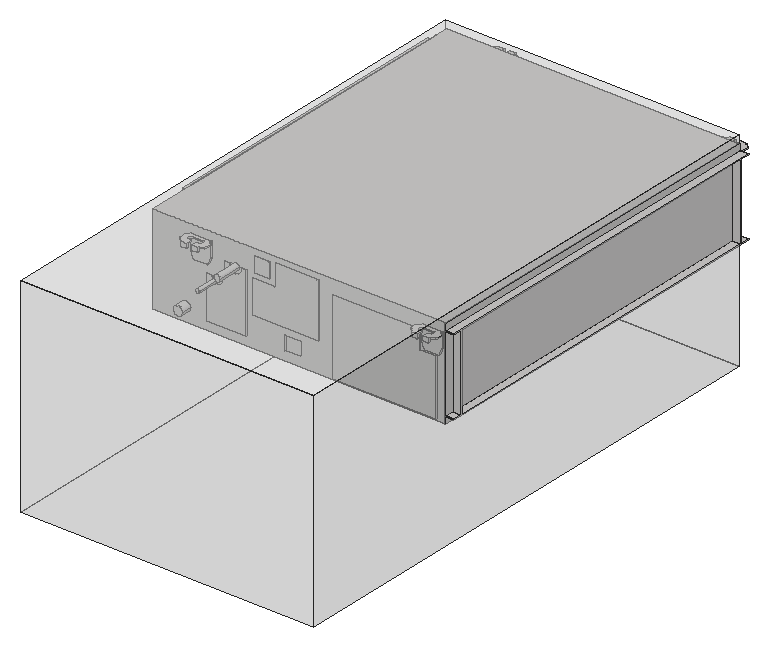
Revit family "outputfile", category 機械設備, Revit 2024
Family settings
  丸型コネクタ寸法 = 半径を使用
  パーツ タイプ = 標準
  OmniClass 番号 = 23.75.10.24.21.27.27
  OmniClass タイトル = Split System Air Conditioning Units
  作業面ベース = いいえ
  常に垂直 = はい
  ロード時にボイドで切り取り = いいえ
  注釈の向きを維持 = いいえ
  共有 = いいえ
  部屋計算ポイント = はい
Parameters (values of type "FBFC85DVM9")
  Description = ""
  製造元 = "Daikin"
  書き出し IFC クラス(タイプ) = "IfcUnitaryEquipmentType"
  定義済み IFC タイプ(タイプ) = "AIRCONDITIONINGUNIT"
  Cost = 0
  モデル = "FBFC85DVM9"
  Type Comments = ""
  Keynote = ""
  Type Image = (empty or 0)
  Assembly Code = ""
  switch_frequency = yes
  r_Liquid Pipe Size = Liquid Pipe Size / 2  # 4.75 mm
  r_Gas Pipe Size = Gas Pipe Size / 2  # 7.95 mm
  r_Drain Pipe Size = Drain Pipe Size / 2  # 12.5 mm
  lw_power = 770.0 mm  # constant formula
  lh_SA = 138.0 mm  # constant formula
  lw_SA = if(Depth = 550.0 mm, 225.0 mm, if(Depth = 700.0 mm, 300.0 mm, if(Depth = 1000.0 mm, 450.0 mm, if(Depth = 1400.0 mm, 650.0 mm, 725.0 mm))))  # 450.0 mm
  lw_RA = if(Depth = 550.0 mm, 275.0 mm, if(Depth = 700.0 mm, 349.0 mm, if(Depth = 1000.0 mm, 499.0 mm, if(Depth = 1400.0 mm, 699.0 mm, 775.0 mm))))  # 499.0 mm
  lh_power = 60.0 mm + [h***]  # 60.0 mm
  lh_mountinghole1 = lh_mountinghole + [h***]  # 222.0 mm
  lh_RA = 123.0 mm  # constant formula
  ld_power = Depth / 2  # 500.0 mm
  connector_voltage = Voltage_50Hz  # 230 V
  connector_powerinput = [Power Input (Cooling)]  # 0.000 kW
  connector_phase = Phase_50Hz  # 1
  Voltage_comment_50Hz = "220 - 240"
  Voltage_50Hz = 230 V
  URL = ""
  Supply Air Direction [instance] = yes
  Sound Power Level_H speed (dB) = 0
  Phase_50Hz = 1
  Minimum External Static Pressure = 40.00 Pa
  Minimum Circuit Amps_50Hz = 0.0 A
  Maximum Fuse Amps_50Hz = 0.0 A
  Maximum External Static Pressure = 140.00 Pa
  Material_Casing = DAIKIN_GalvanizedSteel_Casing_indoorunit
  lw_mountinghole = 630.0 mm  # constant formula
  lh_gaspipe = 183.0 mm + [h***]  # 183.0 mm
  lh_mountinghole = 222.0 mm  # constant formula
  lh_liquidpipe = 136.0 mm + [h***]  # 136.0 mm
  lh_drainpipe = 38.0 mm + [h***]  # 38.0 mm
  lh_antena = Height - lh_mountinghole + 1.0 mm  # 24.0 mm
  ld_drainpipe = Depth / 2 + 26.0 mm  # 526.0 mm
  ld_liquidpipe = Depth / 2 + 69.0 mm  # 569.0 mm
  ld_gaspipe = Depth / 2 + 65.0 mm  # 565.0 mm
  ld_mountinghole = Depth + 38.0 mm  # 1038.0 mm
  h*** = 0.0 mm  # constant formula
  lw_liquidpipe = 179.0 mm  # constant formula
  lw_gaspipe = 229.0 mm  # constant formula
  lw_drainpipe = 91.0 mm  # constant formula
  Width = 800.0 mm
  Version = "ver.1.0"
  Unit Type = "M.S.P. Duct"
  Unit Mass Weight = 36.00 kg
  Unit Designation [instance] = ""
  Uniclass2015Version = "Products v1.30"
  Uniclass2015Title = "Split coil room air conditioning units"
  Uniclass2015Code = "Pr_70_65_03_86"
  Total Cooling Capacity [instance] = 0.000 kW
  Sound Pressure Level_M speed (dBA) = 37
  Sound Pressure Level_L speed (dBA) = 34
  Sound Pressure Level_H speed (dBA) = 39
  Series = "SkyAir_Fan Coil Unit"
  Sensible Cooling Capacity [instance] = 0.000 kW
  SA Duct Size Width = 792.0 mm
  SA Duct Size Height = 176.0 mm
  Refrigerant Type = "R32"
  RA Duct Size Width = 952.0 mm
  RA Duct Size Height = 208.0 mm
  Power Input (Cooling) = 0.000 kW
  Option Accessory 3 [instance] = ""
  Option Accessory 2 [instance] = ""
  Option Accessory 1 [instance] = ""
  Nominal Cooling Capacity = 8.500 kW
  Minimum Airflow = 990.00 m³/h
  Median Airflow = 1200.00 m³/h
  Maximum Airflow = 1500.00 m³/h
  Load Classification = HVAC
  Liquid Pipe Size = 9.5 mm
  Link_Nested Family [instance] = ""
  IfcVersion = ""
  IfcExportType = "AIRCONDITIONINGUNIT"
  IfcExportAs = "IfcUnitaryEquipmentType"
  Height = 245.0 mm
  Heat Exchanger Type = "Cross Fin Coil"
  Gas Pipe Size = 15.9 mm
  Frequency_50Hz = 50 Hz
  Fan Type = "Sirocco Fan"
  Fan Drive = "Direct Drive"
  FCU Tag No. [instance] = ""
  Drain Pipe Size = 25.0 mm
  Design Supply Airflow [instance] = 0.00 m³/h
  Design Return Airflow [instance] = 0.00 m³/h
  Design External Static Pressure [instance] = 0.00 Pa
  Depth = 1000.0 mm
  既定の高さ = 0.0 mm
  Cooling Entering Wet Bulb Temperature [instance] = 0.00 °C
  Cooling Entering Dry Bulb Temperature [instance] = 0.00 °C
  Cooling Ambient Wet Bulb Temperature [instance] = 0.00 °C
  Cooling Ambient Dry Bulb Temperature [instance] = 0.00 °C
  Clearance visibility [instance] = yes
  Clearance Top = 20.0 mm
  Clearance Right = 0.0 mm
  Clearance Rear = 0.0 mm
  Clearance Left = 0.0 mm
  Clearance Front = 450.0 mm
  Clearance Bottom = 300.0 mm
Reference planes
  plane 1 "Center (Front/Back)": y = 0
  plane 2 "h": z = 0
  plane 3 "Center (Left/Right)": x = 0
  plane 4 "Back": y = 500
  plane 5 "Front": y = -500
  plane 6 "Left": x = -400
  plane 7 "Right": x = 400
  plane 8 "Top": z = 0
  plane 9 "Bottom": z = -245
  plane 10: y = -215
  plane 11: y = 500
  plane 12: y = -950
  plane 13: x = -400
  plane 14: x = 400
  plane 15: z = 20
  plane 16: z = -545
  plane 17: x = -400
  plane 18: x = -399
  plane 19: x = 399
  plane 20: y = 50
  plane 21: y = -1
  plane 22: z = -122
  plane 23: y = -501
  plane 24: z = -109
  plane 25: x = -221
  plane 26: y = -565
  plane 27: z = -62
  plane 28: x = -171
  plane 29: y = -526
  plane 30: z = -207
  plane 31: x = -309
  plane 32: x = -309
  plane 33: x = -221
  plane 34: x = -171
  plane 35: x = 370
  plane 36: x = -266
  plane 37: x = 364
  plane 38: y = -519
  plane 39: y = 519
  plane 40: z = -23
  plane 41: z = -107
  plane 42: y = -569
  plane 43: y = -376
  plane 44: x = -251
  plane 45: x = -203
  plane 46: x = -144
  plane 47: z = -59
  plane 48: z = -106
  plane 49: z = -221
  plane 50: z = -109
  plane 51: x = -221
  plane 52: z = -62
  plane 53: x = -171
  plane 54: z = -17
  plane 55: z = -59
  plane 56: x = -121
  plane 57: x = -79
  plane 58: x = -125
  plane 59: x = -64
  plane 60: x = 53
  plane 61: z = -164
  plane 62: z = -73
  plane 63: z = -16
  plane 64: x = 93.5
  plane 65: x = 374.5
  plane 66: x = 330
  plane 67: z = -88.5
  plane 68: z = -38
  plane 69: z = -242.5
  plane 70: x = -38.5
  plane 71: x = 6.5
  plane 72: z = -181
  plane 73: z = -221
  plane 74: y = -499
  plane 75: x = -424
  plane 76: x = 424
Forms (mm)
  Extrusion 1, solid, material "DAIKIN_GalvanizedSteel_Casing_indoorunit" <- "Material_Casing"
    sketch origin (0, 0, 0) x (1, 0, 0) y (0, 1, 0)
      loop
        line (-399, 500) -> (-399, -500) -> (399, -500) -> (399, 500) -> (-399, 500)
    from -245 to 0
  Extrusion 2, solid, material "DAIKIN_GalvanizedSteel_Casing_indoorunit" <- "Material_Casing"
    sketch origin (0, 0, 0) x (1, 0, 0) y (0, 0, 1)
      loop
        line (-251, -221) -> (-144, -221) -> (-144, -59) -> (-154.47, -59)
        arc (-154.47, -59) -> (-171, -78.8) -> (-187.53, -59) r 16.8
        line (-187.53, -59) -> (-203, -59) -> (-203, -106) -> (-206.916, -106)
        arc (-206.916, -106) -> (-221, -123.4) -> (-235.084, -106) r 14.4
        line (-235.084, -106) -> (-251, -106) -> (-251, -221)
    from 500 to 501
  Extrusion 3, solid, material "DAIKIN_GalvanizedSteel_Casing_indoorunit" <- "Material_Casing"
    sketch origin (0, 0, 0) x (1, 0, 0) y (0, 0, 1)
      loop
        line (-121, -17) -> (-121, -59) -> (-79, -59) -> (-79, -17) -> (-121, -17)
      loop
        line (-125, -73) -> (-125, -164) -> (53, -164) -> (53, -16) -> (-64, -16) -> (-64, -73) -> (-125, -73)
    from 500 to 501
  Extrusion 4, solid, material "DAIKIN_GalvanizedSteel_Casing_indoorunit" <- "Material_Casing"
    sketch origin (0, 0, 0) x (1, 0, 0) y (0, 0, 1)
      loop
        line (93.5, -38) -> (93.5, -242.5) -> (374.5, -242.5) -> (374.5, -88.5) -> (330, -88.5) -> (330, -38) -> (93.5, -38)
    from 500 to 501
  Extrusion 5, solid, material "DAIKIN_GalvanizedSteel_Casing_indoorunit" <- "Material_Casing"
    sketch origin (0, 0, 0) x (1, 0, 0) y (0, 0, 1)
      loop
        circle (-221, -109) r 4.75
    from 500 to 569
  Extrusion 6, solid, material "DAIKIN_GalvanizedSteel_Casing_indoorunit" <- "Material_Casing"
    sketch origin (0, 0, 0) x (1, 0, 0) y (0, 0, 1)
      loop
        circle (-171, -62) r 7.95
    from 500 to 565
  Extrusion 7, solid, material "DAIKIN_GalvanizedSteel_Casing_indoorunit" <- "Material_Casing"
    sketch origin (0, 0, 0) x (1, 0, 0) y (0, 0, 1)
      loop
        circle (-309, -207) r 12.5
    from 500 to 526
  Extrusion 8, void
    sketch origin (0, 0, 0) x (1, 0, 0) y (0, 0, 1)
      loop
        line (-38.5, -181) -> (-38.5, -221) -> (6.5, -221) -> (6.5, -181) -> (-38.5, -181)
    from 499 to 500
Cuts and joins
  Extrusion 8 cuts Extrusion 1
Dimensions and locks
  "Height": plane 8 "Top" to plane 9 "Bottom"
  equal spacing: plane 4 "Back", plane 1 "Center (Front/Back)", plane 5 "Front"
  "Depth": plane 4 "Back" to plane 5 "Front"
  equal spacing: plane 6 "Left", plane 3 "Center (Left/Right)", plane 7 "Right"
  "Width": plane 6 "Left" to plane 7 "Right"
  "Clearance Left": plane 13 to plane 6 "Left"
  "Clearance Right": plane 7 "Right" to plane 14
  "Clearance Rear": plane 11 to plane 4 "Back"
  "Clearance Front": plane 5 "Front" to plane 12
  "Clearance Top": plane 15 to plane 8 "Top"
  "Clearance Bottom": plane 9 "Bottom" to plane 16
  locked: plane 17 to plane 18 at 1
  locked: plane 19 to plane 14 at 1
  "lw_SA": plane 11 to plane 20
  "lw_RA": plane 21 to plane 5 "Front"
  "lh_RA": plane 22 to plane 9 "Bottom"
  locked: plane 5 "Front" to plane 23 at 1
  "lw_liquidpipe": plane 25 to plane 6 "Left"
  "lh_liquidpipe": plane 24 to plane 9 "Bottom"
  "lh_gaspipe": plane 27 to plane 9 "Bottom"
  "lw_gaspipe": plane 28 to plane 6 "Left"
  "ld_gaspipe": plane 26 to plane 1 "Center (Front/Back)"
  "ld_drainpipe": plane 29 to plane 1 "Center (Front/Back)"
  "lh_drainpipe": plane 30 to plane 9 "Bottom"
  "lw_drainpipe": plane 31 to plane 6 "Left"
  "lw_drainpipe": plane 6 "Left" to plane 32
  "lw_liquidpipe": plane 6 "Left" to plane 33
  "lw_gaspipe": plane 6 "Left" to plane 34
  "lw_power": plane 6 "Left" to plane 35
  locked: plane 17 to plane 36 at 134
  "lw_mountinghole": plane 36 to plane 37
  equal spacing: plane 38, plane 1 "Center (Front/Back)", plane 39
  "ld_mountinghole": plane 39 to plane 38
  "lh_mountinghole": plane 40 to plane 9 "Bottom"
  "lh_SA": plane 41 to plane 9 "Bottom"
  plane 46 to plane 45 to plane 44 to plane 6 "Left" = 59.0 mm, 48.0 mm, 149.0 mm
  plane 8 "Top" to plane 47 to plane 48 to plane 49 = 59.0 mm locked, 47.0 mm locked, 115.0 mm locked
  plane 53 to plane 51 to plane 6 "Left" = 50.0 mm locked, 179.0 mm locked
  plane 52 to plane 50 to plane 9 "Bottom" = 47.0 mm locked, 136.0 mm locked
  plane 57 to plane 56 to plane 6 "Left" = 42.0 mm locked, 279.0 mm locked
  plane 8 "Top" to plane 54 to plane 55 = 17.0 mm locked, 42.0 mm locked
  plane 60 to plane 59 to plane 58 to plane 6 "Left" = 117.0 mm, 61.0 mm, 275.0 mm
  plane 8 "Top" to plane 63 to plane 62 = 16.0 mm locked, 57.0 mm locked
  locked: plane 63 to plane 61 at 148
  plane 8 "Top" to plane 68 to plane 67 to plane 69 = 38.0 mm locked, 50.5 mm locked, 154.0 mm locked
  plane 65 to plane 66 to plane 64 to plane 6 "Left" = 44.5 mm locked, 236.5 mm locked, 493.5 mm locked
  plane 8 "Top" to plane 72 to plane 73 = 181.0 mm locked, 40.0 mm locked
  plane 71 to plane 70 to plane 6 "Left" = 45.0 mm, 361.5 mm
  locked: plane 74 to plane 5 "Front" at 1
  locked: plane 75 to plane 17 at 24
  locked: plane 14 to plane 76 at 24
  "ld_liquidpipe": plane 42 to plane 1 "Center (Front/Back)"
  "r_Liquid Pipe Size": radius of Extrusion 5 sketch curve
  "r_Gas Pipe Size": radius of Extrusion 6 sketch curve
  "r_Drain Pipe Size": radius of Extrusion 7 sketch curve
  aligned and locked: level to plane 2 "h"
  aligned and locked: plane 8 "Top" to Extrusion 1
  aligned and locked: Extrusion 1 to plane 9 "Bottom"
  aligned and locked: nested 5 to plane 12
  aligned and locked: plane 13 to nested 5
  aligned and locked: plane 14 to nested 5
  aligned and locked: nested 5 to plane 13
  aligned and locked: plane 11 to nested 5
  aligned and locked: plane 15 to nested 5
  aligned and locked: plane 16 to nested 5
  aligned and locked: plane 5 "Front" to Extrusion 1 sketch curve
  aligned and locked: Extrusion 1 to plane 18
  aligned and locked: plane 19 to Extrusion 1
  aligned and locked: nested 7 to plane 18
  aligned and locked: nested 7 to plane 20
  aligned and locked: plane 19 to nested 8
  aligned and locked: plane 21 to nested 8
  aligned and locked: plane 22 to nested 8
  aligned and locked: Extrusion 2 to plane 23
  aligned and locked: plane 5 "Front" to Extrusion 2
  aligned and locked: Extrusion 3 to plane 23
  aligned and locked: plane 5 "Front" to Extrusion 3
  aligned and locked: plane 5 "Front" to Extrusion 4
  aligned and locked: Extrusion 5 sketch curve to plane 25
  aligned and locked: plane 24 to Extrusion 5 sketch curve
  aligned and locked: plane 5 "Front" to Extrusion 5
  aligned and locked: Extrusion 6 sketch curve to plane 28
  aligned and locked: plane 27 to Extrusion 6 sketch curve
  aligned and locked: plane 5 "Front" to Extrusion 6
  aligned and locked: Extrusion 7 sketch curve to plane 31
  aligned and locked: plane 30 to Extrusion 7 sketch curve
  aligned and locked: Extrusion 7 to plane 29
  aligned and locked: nested 3 to plane 29
  aligned and locked: plane 32 to nested 3
  aligned and locked: nested 2 to plane 33
  aligned and locked: nested 1 to plane 34
  aligned and locked: Extrusion 6 to plane 26
  aligned and locked: nested 1 to plane 26
  aligned and locked: nested 6 to plane 5 "Front"
  aligned and locked: nested 6 to plane 35
  aligned and locked: plane 36 to nested 10
  aligned and locked: nested 10 to plane 5 "Front"
  aligned and locked: plane 37 to nested 9
  aligned and locked: nested 9 to plane 5 "Front"
  aligned and locked: nested 11 to plane 36
  aligned and locked: plane 4 "Back" to nested 11
  aligned and locked: nested 12 to plane 37
  aligned and locked: plane 4 "Back" to nested 12
  aligned and locked: plane 40 to nested 10
  aligned and locked: plane 40 to nested 11
  aligned and locked: plane 40 to nested 9
  aligned and locked: plane 40 to nested 12
  aligned and locked: plane 36 to nested 14
  aligned and locked: nested 14 to plane 39
  aligned and locked: plane 37 to nested 13
  aligned and locked: nested 13 to plane 39
  aligned and locked: plane 37 to nested 16
  aligned and locked: plane 38 to nested 16
  aligned and locked: plane 38 to nested 15
  aligned and locked: plane 36 to nested 15
  aligned and locked: plane 17 to plane 6 "Left"
  aligned and locked: plane 41 to nested 7
  aligned and locked: Extrusion 5 to plane 42
  aligned and locked: nested 2 to plane 42
  aligned and locked: Extrusion 3 sketch curve to plane 54
  aligned and locked: Extrusion 3 sketch curve to plane 56
  aligned and locked: plane 55 to Extrusion 3 sketch curve
  aligned and locked: plane 57 to Extrusion 3 sketch curve
  aligned and locked: Extrusion 4 to plane 23
  aligned and locked: Extrusion 8 sketch curve to plane 72
  aligned and locked: plane 73 to Extrusion 8 sketch curve
  aligned and locked: plane 71 to Extrusion 8 sketch curve
  aligned and locked: plane 5 "Front" to Extrusion 8
  aligned and locked: plane 74 to Extrusion 8
  aligned and locked: nested 17 to plane 20
  aligned and locked: nested 17 to plane 75
  aligned and locked: plane 21 to nested 18
  aligned and locked: plane 76 to nested 18
  aligned and locked: plane 41 to nested 17
  aligned and locked: nested 18 to plane 22
  aligned and locked: nested 4 to plane 3 "Center (Left/Right)"
  aligned and locked: plane 1 "Center (Front/Back)" to nested 4
  aligned and locked: level to plane 8 "Top"
  aligned and locked: plane 5 "Front" to Extrusion 7
Automatic sketch dimensions
  plane 6 "Left" to Extrusion 1 sketch curve = 1.0 mm
  Extrusion 1 sketch curve to plane 7 "Right" = 1.0 mm
  Extrusion 1 sketch curve to plane 4 "Back" = 0.0 mm
  Extrusion 2 sketch curve to plane 44 = 0.0 mm
  Extrusion 2 sketch curve to plane 33 = 0.0 mm
  Extrusion 2 sketch curve to plane 45 = 0.0 mm
  Extrusion 2 sketch curve to plane 34 = 0.0 mm
  Extrusion 2 sketch curve to plane 46 = 0.0 mm
  Extrusion 2 sketch curve to plane 49 = 0.0 mm
  Extrusion 2 sketch curve to plane 50 = 0.0 mm
  Extrusion 2 sketch curve to plane 48 = 0.0 mm  (x3)
  Extrusion 2 sketch curve to plane 52 = 0.0 mm
  Extrusion 2 sketch curve to plane 47 = 0.0 mm  (x3)
  plane 33 to Extrusion 2 sketch curve = 14.084 mm
  plane 34 to Extrusion 2 sketch curve = 16.53 mm
  Extrusion 3 sketch curve to plane 58 = 0.0 mm
  Extrusion 3 sketch curve to plane 59 = 0.0 mm
  Extrusion 3 sketch curve to plane 60 = 0.0 mm
  Extrusion 3 sketch curve to plane 61 = 0.0 mm
  Extrusion 3 sketch curve to plane 62 = 0.0 mm
  Extrusion 3 sketch curve to plane 63 = 0.0 mm
  Extrusion 4 sketch curve to plane 64 = 0.0 mm
  Extrusion 4 sketch curve to plane 66 = 0.0 mm
  Extrusion 4 sketch curve to plane 65 = 0.0 mm
  Extrusion 4 sketch curve to plane 69 = 0.0 mm
  Extrusion 4 sketch curve to plane 67 = 0.0 mm
  Extrusion 4 sketch curve to plane 68 = 0.0 mm
  Extrusion 8 sketch curve to plane 70 = 0.0 mm
Nested families
  nested 1: "daikin_connector_rotate2" at (-171, 0, -62), length <- "ld_gaspipe", built-in parameter 1001364 <- "lh_gaspipe", radius <- "r_Gas Pipe Size", type "daikin_connector_rotate2"
    with radius 7.95 mm, length 565.0 mm, angle_vertical 90.00°
  nested 2: "daikin_connector_rotate2" at (-221, 0, -109), length <- "ld_liquidpipe", built-in parameter 1001364 <- "lh_liquidpipe", radius <- "r_Liquid Pipe Size", type "daikin_connector_rotate2"
    with radius 4.75 mm, length 569.0 mm, angle_vertical 90.00°
  nested 3: "daikin_connector_rotate2" at (-309, 0, -207), length <- "ld_drainpipe", built-in parameter 1001364 <- "lh_drainpipe", radius <- "r_Drain Pipe Size", type "daikin_connector_rotate2"
    with radius 12.5 mm, length 526.0 mm, angle_vertical 90.00°
  nested 4: "daikin_△_symbolicline" at (0, 0, 245) x (0, -1, 0) z (0, 0, 1), built-in parameter 1001364 <- "Height", visible <- "Supply Air Direction", type "daikin_△_symbolicline"
    with length 200.0 mm
  nested 5: "daikin_clearancespace" at (0, -225, -262.381), visible <- "Clearance visibility", show <- "Clearance visibility", Link_Nested Family <- "Link_Nested Family", type "daikin_clearancespace"
    with width 800.0 mm, show yes, height 565.0 mm, depth 1450.0 mm, Link_Nested Family ""
  nested 6: "daikin_connector_rotate2" at (370, 0, -185), built-in parameter 1001364 <- "lh_power", length <- "ld_power", type "daikin_connector_rotate2"
    with radius 10.0 mm, length 500.0 mm, angle_vertical 90.00°
  nested 7: "daikin_ductflange_FBFC-DVM92" at (-399, 50, -107) x (0, -1, 0) z (0, 0, 1), type "daikin_ductflange_FBFC-DVM92"
    with width 792.0 mm, w 1000.0 mm
  nested 8: "daikin_ductflange_FBFC-DVM9" at (399, -1, -122) x (0, 1, 0) z (0, 0, 1), type "daikin_ductflange_FBFC-DVM9"
    with width 952.0 mm, lw 25.0 mm, w 1000.0 mm
  nested 9: "daikin_hangerfixture_FBFC-DVM9" at (364, -500, -23), type "daikin_hangerfixture_FBFC-DVM9"
  nested 10: "daikin_hangerfixture_FBFC-DVM9" at (-266, -500, -23), type "daikin_hangerfixture_FBFC-DVM9"
  nested 11: "daikin_hangerfixture_FBFC-DVM9" at (-266, 500, -23) x (-1, 0, 0) z (0, 0, 1), type "daikin_hangerfixture_FBFC-DVM9"
  nested 12: "daikin_hangerfixture_FBFC-DVM9" at (364, 500, -23) x (-1, 0, 0) z (0, 0, 1), type "daikin_hangerfixture_FBFC-DVM9"
  nested 13: "daikin_mountinghole" at (364, 519, -245), h_mountinghole <- "lh_mountinghole1", l_antenna <- "lh_antena", Link_Nested Family <- "Link_Nested Family", type "daikin_mountinghole"
    with show yes, l_antenna 24.0 mm, h_mountinghole 222.0 mm, Link_Nested Family ""
  nested 14: "daikin_mountinghole" at (-266, 519, -245), h_mountinghole <- "lh_mountinghole1", l_antenna <- "lh_antena", Link_Nested Family <- "Link_Nested Family", type "daikin_mountinghole"
    with show yes, l_antenna 24.0 mm, h_mountinghole 222.0 mm, Link_Nested Family ""
  nested 15: "daikin_mountinghole" at (-266, -519, -245), h_mountinghole <- "lh_mountinghole1", l_antenna <- "lh_antena", Link_Nested Family <- "Link_Nested Family", type "daikin_mountinghole"
    with show yes, l_antenna 24.0 mm, h_mountinghole 222.0 mm, Link_Nested Family ""
  nested 16: "daikin_mountinghole" at (364, -519, -245), h_mountinghole <- "lh_mountinghole1", l_antenna <- "lh_antena", Link_Nested Family <- "Link_Nested Family", type "daikin_mountinghole"
    with show yes, l_antenna 24.0 mm, h_mountinghole 222.0 mm, Link_Nested Family ""
  nested 17: "daikin_connector_rotate2" at (-400, 50, -107) x (0, -1, 0) z (0, 0, 1), type "daikin_connector_rotate2"
    with radius 10.0 mm, length 24.0 mm, angle_vertical 90.00°
  nested 18: "daikin_connector_rotate2" at (400, -1, -122) x (0, 1, 0) z (0, 0, 1), type "daikin_connector_rotate2"
    with radius 10.0 mm, length 24.0 mm, angle_vertical 90.00°
Connectors
  piping at (-309, -526, -207), diameter 25, driven by "r_Drain Pipe Size"
    settings: on nested 3, index 3, connector inside diameter 609.6 mm, connector length 0.0 mm, flow factor 0, pipe flow 0.00 m³/h, pressure drop 0.0 Pa, fitting loss kfactor 0, connector angle 0.00°, fixture units 0, engagement length 0.0 mm, angle of deflection 0.00°, flow configuration 1, flow direction 2, fitting loss method 4, system type 16, joint type 0, gender type 0, connector reference index -1, connector utility 0, adjustable connector no, is connector primary yes, connector description "Condensate Drain Piping"
  piping at (-171, -565, -62), diameter 15.9, driven by "r_Gas Pipe Size"
    settings: on nested 1, index 4, connector inside diameter 609.6 mm, connector length 0.0 mm, flow factor 0, pipe flow 0.00 m³/h, pressure drop 0.0 Pa, fitting loss kfactor 0, connector angle 0.00°, fixture units 0, engagement length 0.0 mm, angle of deflection 0.00°, flow configuration 1, flow direction 2, fitting loss method 0, system type 29, joint type 0, gender type 0, connector reference index -1, connector utility 0, adjustable connector no, is connector primary no, connector description "Refrigerant Gas Piping"
  piping at (-221, -569, -109), diameter 9.5, driven by "r_Liquid Pipe Size"
    settings: on nested 2, index 5, connector inside diameter 609.6 mm, connector length 0.0 mm, flow factor 0, pipe flow 0.00 m³/h, pressure drop 0.0 Pa, fitting loss kfactor 0, connector angle 0.00°, fixture units 0, engagement length 0.0 mm, angle of deflection 0.00°, flow configuration 1, flow direction 1, fitting loss method 0, system type 29, joint type 0, gender type 0, connector reference index -1, connector utility 0, adjustable connector no, is connector primary no, connector description "Refrigerant Liquid Piping"
  electrical at (370, -500, -185), driven by "Load Classification", driven by "connector_phase", driven by "connector_powerinput", driven by "connector_voltage"
    settings: on nested 6, index 6, voltage 230 V, apparent load 0 VA, apparent load phase1 0 VA, apparent load phase2 0 VA, apparent load phase3 0 VA, power factor 1, load classification "HVAC", number of poles 1, system type 30, power factor state 1, is connector primary yes, connector utility no, sub classification motor no, connector description "Power Supply"
  hvac at (-424, 50, -107), driven by "SA Duct Size Height", driven by "SA Duct Size Width"
    settings: on nested 17, index 7, duct flow 0.00 m³/h, flow factor 0, pres drop 0.00 Pa, loss coef 0, conn angle 0.00°, conn width 792.0 mm, conn height 176.0 mm, conn diameter 609.6 mm, duct sys type 1, conn prof type 1, flow config 0, flow direction 2, loss method 4, conn ref index -1, conn util no, is conn primary yes, conn desc "SA Duct"
  hvac at (424, -1, -122), driven by "RA Duct Size Height", driven by "RA Duct Size Width"
    settings: on nested 18, index 8, duct flow 0.00 m³/h, flow factor 0, pres drop 0.00 Pa, loss coef 0, conn angle 0.00°, conn width 952.0 mm, conn height 208.0 mm, conn diameter 609.6 mm, duct sys type 2, conn prof type 1, flow config 0, flow direction 1, loss method 4, conn ref index -1, conn util no, is conn primary no, conn desc "RA Duct"
Definition of nested family "daikin_clearancespace"
  Parameters (values of type "daikin_clearancespace")
    Description = "daikin_clearancespace"
    width [instance] = 1823.963 mm
    show [instance] = yes
    material = none
    height [instance] = 1359.762 mm
    depth [instance] = 880.0 mm
    Default Elevation = 0.0 mm
    Link_Nested Family [instance] = ""
  Reference planes
    plane 1 "Center (Front/Back)": y = 0
    plane 2 "Center (Elevation)": z = -0.119
    plane 3 "Center (Left/Right)": x = 0
    plane 4: y = 440
    plane 5: y = -440
    plane 6 "Right": x = 911.982
    plane 7 "Left": x = -911.982
    plane 8 "Top": z = 679.762
    plane 9 "Bottom": z = -680
  Forms (mm)
    Extrusion 1, solid, material <- "material", visible <- "show"
      sketch origin (0, 0, 0) x (1, 0, 0) y (0, 1, 0)
        loop
          line (-911.982, 440) -> (-911.982, -440) -> (911.982, -440) -> (911.982, 440) -> (-911.982, 440)
      from -680 to 679.762
  Lines and regions (mm)
    symbolic lines, visible <- "show"
      curve 1: line (911.982, 440, 0) -> (-911.982, 440, 0)
      curve 2: line (-911.982, 440, 0) -> (-911.982, -440, 0)
      curve 3: line (-911.982, -440, 0) -> (911.982, -440, 0)
      curve 4: line (911.982, -440, 0) -> (911.982, 440, 0)
      curve 5: line (911.982, 0, 679.762) -> (-911.982, 0, 679.762)
      curve 6: line (911.982, 0, -680) -> (911.982, 0, 679.762)
      curve 7: line (-911.982, 0, -680) -> (911.982, 0, -680)
      curve 8: line (-911.982, 0, 679.762) -> (-911.982, 0, -680)
      curve 9: line (0, 440, 679.762) -> (0, -440, 679.762)
      curve 10: line (0, -440, 679.762) -> (0, -440, -680)
      curve 11: line (0, 440, -680) -> (0, 440, 679.762)
      curve 12: line (0, -440, -680) -> (0, 440, -680)
  Dimensions and locks
    "width": plane 7 "Left" to plane 6 "Right"
    "depth": plane 4 to plane 5
    "height": plane 8 "Top" to plane 9 "Bottom"
    equal spacing: plane 7 "Left", plane 3 "Center (Left/Right)", plane 6 "Right"
    equal spacing: plane 4, plane 1 "Center (Front/Back)", plane 5
    equal spacing: plane 8 "Top", plane 2 "Center (Elevation)", plane 9 "Bottom"
    aligned and locked: level to plane 2 "Center (Elevation)"
    aligned and locked: Extrusion 1 sketch curve to plane 4
    aligned and locked: plane 7 "Left" to Extrusion 1 sketch curve
    aligned and locked: Extrusion 1 sketch curve to plane 5
    aligned and locked: Extrusion 1 sketch curve to plane 6 "Right"
    aligned and locked: plane 8 "Top" to Extrusion 1
    aligned and locked: curve 1 to Extrusion 1
    aligned and locked: curve 2 to Extrusion 1
    aligned and locked: curve 3 to Extrusion 1
    aligned and locked: curve 4 to Extrusion 1
    aligned and locked: curve 5 to Extrusion 1
    aligned and locked: curve 6 to Extrusion 1
    aligned and locked: curve 7 to Extrusion 1
    aligned and locked: curve 8 to Extrusion 1
    aligned and locked: curve 9 to Extrusion 1
    aligned and locked: curve 10 to Extrusion 1
    aligned and locked: curve 11 to Extrusion 1
    aligned and locked: curve 12 to Extrusion 1
    aligned and locked: Extrusion 1 to plane 9 "Bottom"
Definition of nested family "daikin_ductflange_FBFC-DVM92"
  Parameters (values of type "daikin_ductflange_FBFC-DVMG2")
    width = if(w = 550.0 mm, 337.0 mm, if(w = 700.0 mm, 492.0 mm, if(w = 1000.0 mm, 792.0 mm, if(w = 1400.0 mm, 1192.0 mm, 1337.0 mm))))  # 1192.0 mm
    material = none
    height = 215.0 mm
    depth = 1.0 mm
    w = 1400.0 mm
    Default Elevation = 0.0 mm
  Reference planes
    plane 1 "Center (Front/Back)": y = 0
    plane 2: z = 0
    plane 3 "Center (Left/Right)": x = 0
    plane 4: z = 88
    plane 5: z = -88
    plane 6: y = -25
    plane 7: z = 106
    plane 8: z = 89
    plane 9: y = -1
    plane 10: x = -617.5
    plane 11: x = 617.5
    plane 12: z = -106
    plane 13: z = -89
    plane 14: y = -1
    plane 15: x = 596
    plane 16: x = -596
    plane 17: x = 597
    plane 18: z = 87
    plane 19: z = -87
    plane 20: x = -597
    plane 21: z = 87
    plane 22: z = -87
    plane 23: y = -1
  Forms (mm)
    Extrusion 1, solid, material <- "material"
      sketch origin (0, 0, 0) x (0, 1, 0) y (0, 0, 1)
        loop
          line (-25, 88) -> (0, 88) -> (0, 106) -> (-1, 106) -> (-1, 89) -> (-25, 89) -> (-25, 88)
      from -617.5 to 617.5
    Extrusion 2, solid, material <- "material"
      sketch origin (0, 0, 0) x (0, 1, 0) y (0, 0, 1)
        loop
          line (-25, -88) -> (-25, -89) -> (-1, -89) -> (-1, -106) -> (0, -106) -> (0, -88) -> (-25, -88)
      from -617.5 to 617.5
    Extrusion 3, solid, material <- "material"
      sketch origin (0, 0, 0) x (1, 0, 0) y (0, 0, 1)
        loop
          line (596, 88) -> (596, -88) -> (617.5, -88) -> (617.5, -87) -> (597, -87) -> (597, 87) -> (617.5, 87) -> (617.5, 88) -> (596, 88)
      from 0 to 25
    Extrusion 4, solid, material <- "material"
      sketch origin (0, 0, 0) x (1, 0, 0) y (0, 0, 1)
        loop
          line (-617.5, 88) -> (-617.5, 87) -> (-597, 87) -> (-597, -87) -> (-617.5, -87) -> (-617.5, -88) -> (-596, -88) -> (-596, 88) -> (-617.5, 88)
      from 0 to 25
    Extrusion 5, solid, material <- "material"
      sketch origin (0, 0, 0) x (1, 0, 0) y (0, 0, 1)
        loop
          line (-617.5, 88) -> (-617.5, -88) -> (-596, -88) -> (-596, 88) -> (-617.5, 88)
        loop
          line (617.5, 88) -> (596, 88) -> (596, -88) -> (617.5, -88) -> (617.5, 88)
      from 0 to 1
  Cuts and joins
    joined: Extrusion 1, Extrusion 2, Extrusion 3, Extrusion 4, Extrusion 5
  Dimensions and locks
    plane 4 to level to plane 5 = 88.0 mm, 88.0 mm
    locked: plane 6 to plane 1 "Center (Front/Back)" at 25
    locked: plane 9 to plane 1 "Center (Front/Back)" at 1
    locked: plane 8 to plane 4 at 1
    locked: plane 16 to plane 10 at 21.5
    locked: plane 17 to plane 15 at 1
    locked: plane 4 to plane 18 at 1
    locked: plane 19 to plane 5 at 1
    "width": plane 15 to plane 16
    plane 4 to plane 5 = 176.0 mm
    locked: plane 16 to plane 20 at 1
    locked: plane 4 to plane 21 at 1
    locked: plane 22 to plane 5 at 1
    locked: plane 23 to plane 1 "Center (Front/Back)" at 1
    plane 4 to level to plane 5 = 88.0 mm locked, 88.0 mm locked
    locked: plane 5 to plane 13 at 1
    locked: plane 5 to plane 12 at 18
    locked: plane 7 to plane 4 at 18
    equal spacing: plane 15, plane 3 "Center (Left/Right)", plane 16
    locked: plane 11 to plane 15 at 21.5
    plane 11 to plane 10 = 1235.0 mm
    aligned and locked: level to plane 2
    aligned and locked: Extrusion 1 to plane 10
    aligned and locked: plane 11 to Extrusion 1
    aligned and locked: plane 5 to Extrusion 2
    aligned and locked: Extrusion 2 to plane 1 "Center (Front/Back)"
    aligned and locked: plane 15 to Extrusion 3 sketch curve
    aligned and locked: Extrusion 3 sketch curve to Extrusion 2  (x2)
    aligned and locked: Extrusion 3 sketch curve to plane 11
    aligned and locked: plane 6 to Extrusion 3
    aligned and locked: Extrusion 2 to plane 10
    aligned and locked: plane 11 to Extrusion 2
    aligned and locked: Extrusion 4 sketch curve to Extrusion 1  (x2)
    aligned and locked: plane 5 to Extrusion 4 sketch curve
    aligned and locked: Extrusion 4 sketch curve to plane 16
    aligned and locked: Extrusion 4 sketch curve to plane 22
    aligned and locked: plane 20 to Extrusion 4 sketch curve
    aligned and locked: plane 21 to Extrusion 4 sketch curve
    aligned and locked: Extrusion 4 to plane 1 "Center (Front/Back)"
    aligned and locked: plane 6 to Extrusion 4
    aligned and locked: Extrusion 5 sketch curve to Extrusion 1  (x4)
    aligned and locked: Extrusion 5 sketch curve to Extrusion 4  (x2)
    aligned and locked: Extrusion 5 sketch curve to Extrusion 3  (x2)
    aligned and locked: Extrusion 5 to plane 1 "Center (Front/Back)"
    aligned and locked: plane 23 to Extrusion 5
  Automatic sketch dimensions
    Extrusion 1 sketch curve to plane 6 = 0.0 mm
    Extrusion 1 sketch curve to plane 7 = 0.0 mm
    Extrusion 1 sketch curve to plane 9 = 0.0 mm
    Extrusion 1 sketch curve to plane 1 "Center (Front/Back)" = 0.0 mm
    Extrusion 1 sketch curve to plane 4 = 0.0 mm
    Extrusion 1 sketch curve to plane 8 = 0.0 mm
    Extrusion 2 sketch curve to plane 6 = 0.0 mm
    plane 12 to Extrusion 2 sketch curve = 0.0 mm
    Extrusion 2 sketch curve to plane 14 = 0.0 mm
    Extrusion 2 sketch curve to plane 1 "Center (Front/Back)" = 0.0 mm
    plane 13 to Extrusion 2 sketch curve = 0.0 mm
    Extrusion 2 sketch curve to plane 5 = 0.0 mm
    Extrusion 3 sketch curve to plane 17 = 0.0 mm
    Extrusion 3 sketch curve to plane 19 = 0.0 mm
    Extrusion 3 sketch curve to plane 18 = 0.0 mm
    Extrusion 3 sketch curve to plane 4 = 0.0 mm
    Extrusion 4 sketch curve to plane 10 = 0.0 mm
Definition of nested family "daikin_ductflange_FBFC-DVM9"
  Parameters (values of type "daikin_ductflange_FBFC-DVMG")
    width = if(w = 550.0 mm, 502.0 mm, if(w = 700.0 mm, 654.0 mm, if(w = 1000.0 mm, 952.0 mm, if(w = 1400.0 mm, 1352.0 mm, 1502.0 mm))))  # 654.0 mm
    material = none
    lw = if(width = 654.0 mm, 23.0 mm, 25.0 mm)  # 23.0 mm
    height = 208.0 mm
    depth = 1.0 mm
    w = 700.0 mm
    Default Elevation = 0.0 mm
  Reference planes
    plane 1 "Center (Front/Back)": y = 0
    plane 2: z = 0
    plane 3 "Center (Left/Right)": x = 0
    plane 4: z = 104
    plane 5: z = -104
    plane 6: y = -25
    plane 7: z = 121
    plane 8: z = 105
    plane 9: y = -1
    plane 10: x = -350
    plane 11: x = 350
    plane 12: z = -122
    plane 13: z = -105
    plane 14: y = -1
    plane 15: x = 327
    plane 16: x = -327
    plane 17: x = 328
    plane 18: z = 103
    plane 19: z = -103
    plane 20: x = -328
    plane 21: z = 103
    plane 22: z = -103
    plane 23: y = -1
  Forms (mm)
    Extrusion 1, solid, material <- "material"
      sketch origin (0, 0, 0) x (0, 1, 0) y (0, 0, 1)
        loop
          line (-25, 104) -> (0, 104) -> (0, 121) -> (-1, 121) -> (-1, 105) -> (-25, 105) -> (-25, 104)
      from -350 to 350
    Extrusion 2, solid, material <- "material"
      sketch origin (0, 0, 0) x (0, 1, 0) y (0, 0, 1)
        loop
          line (-25, -104) -> (-25, -105) -> (-1, -105) -> (-1, -122) -> (0, -122) -> (0, -104) -> (-25, -104)
      from -350 to 350
    Extrusion 3, solid, material <- "material"
      sketch origin (0, 0, 0) x (1, 0, 0) y (0, 0, 1)
        loop
          line (327, 104) -> (327, -104) -> (350, -104) -> (350, -103) -> (328, -103) -> (328, 103) -> (350, 103) -> (350, 104) -> (327, 104)
      from 0 to 25
    Extrusion 4, solid, material <- "material"
      sketch origin (0, 0, 0) x (1, 0, 0) y (0, 0, 1)
        loop
          line (-350, 104) -> (-350, 103) -> (-328, 103) -> (-328, -103) -> (-350, -103) -> (-350, -104) -> (-327, -104) -> (-327, 104) -> (-350, 104)
      from 0 to 25
    Extrusion 5, solid, material <- "material"
      sketch origin (0, 0, 0) x (1, 0, 0) y (0, 0, 1)
        loop
          line (-350, 104) -> (-350, -104) -> (-327, -104) -> (-327, 104) -> (-350, 104)
        loop
          line (350, 104) -> (327, 104) -> (327, -104) -> (350, -104) -> (350, 104)
      from 0 to 1
  Cuts and joins
    joined: Extrusion 1, Extrusion 2, Extrusion 3, Extrusion 4, Extrusion 5
  Dimensions and locks
    plane 4 to level to plane 5 = 104.0 mm, 104.0 mm
    locked: plane 6 to plane 1 "Center (Front/Back)" at 25
    locked: plane 9 to plane 1 "Center (Front/Back)" at 1
    locked: plane 8 to plane 4 at 1
    "lw": plane 11 to plane 15
    "lw": plane 16 to plane 10
    locked: plane 17 to plane 15 at 1
    locked: plane 4 to plane 18 at 1
    locked: plane 19 to plane 5 at 1
    "width": plane 15 to plane 16
    equal spacing: plane 15, plane 3 "Center (Left/Right)", plane 16
    locked: plane 16 to plane 20 at 1
    locked: plane 4 to plane 21 at 1
    locked: plane 22 to plane 5 at 1
    locked: plane 23 to plane 1 "Center (Front/Back)" at 1
    locked: plane 7 to plane 4 at 17
    locked: plane 1 "Center (Front/Back)" to plane 14 at 1
    locked: plane 5 to plane 13 at 1
    "height": plane 4 to plane 5
    plane 11 to plane 10 = 700.0 mm
    locked: plane 12 to plane 13 at 17
    equal spacing: plane 4, level, plane 5
    aligned and locked: level to plane 2
    aligned and locked: Extrusion 1 to plane 10
    aligned and locked: plane 11 to Extrusion 1
    aligned and locked: plane 5 to Extrusion 2
    aligned and locked: Extrusion 2 to plane 1 "Center (Front/Back)"
    aligned and locked: plane 15 to Extrusion 3 sketch curve
    aligned and locked: Extrusion 3 sketch curve to Extrusion 2  (x2)
    aligned and locked: Extrusion 3 sketch curve to plane 11
    aligned and locked: plane 6 to Extrusion 3
    aligned and locked: Extrusion 2 to plane 10
    aligned and locked: plane 11 to Extrusion 2
    aligned and locked: Extrusion 4 sketch curve to Extrusion 1  (x2)
    aligned and locked: plane 5 to Extrusion 4 sketch curve
    aligned and locked: Extrusion 4 sketch curve to plane 16
    aligned and locked: Extrusion 4 sketch curve to plane 22
    aligned and locked: plane 20 to Extrusion 4 sketch curve
    aligned and locked: plane 21 to Extrusion 4 sketch curve
    aligned and locked: Extrusion 4 to plane 1 "Center (Front/Back)"
    aligned and locked: plane 6 to Extrusion 4
    aligned and locked: Extrusion 5 sketch curve to Extrusion 1  (x4)
    aligned and locked: Extrusion 5 sketch curve to Extrusion 4  (x2)
    aligned and locked: Extrusion 5 sketch curve to Extrusion 3  (x2)
    aligned and locked: Extrusion 5 to plane 1 "Center (Front/Back)"
    aligned and locked: plane 23 to Extrusion 5
  Automatic sketch dimensions
    Extrusion 1 sketch curve to plane 6 = 0.0 mm
    Extrusion 1 sketch curve to plane 7 = 0.0 mm
    Extrusion 1 sketch curve to plane 9 = 0.0 mm
    Extrusion 1 sketch curve to plane 1 "Center (Front/Back)" = 0.0 mm
    Extrusion 1 sketch curve to plane 4 = 0.0 mm
    Extrusion 1 sketch curve to plane 8 = 0.0 mm
    Extrusion 2 sketch curve to plane 6 = 0.0 mm
    plane 12 to Extrusion 2 sketch curve = 0.0 mm
    Extrusion 2 sketch curve to plane 14 = 0.0 mm
    Extrusion 2 sketch curve to plane 1 "Center (Front/Back)" = 0.0 mm
    plane 13 to Extrusion 2 sketch curve = 0.0 mm
    Extrusion 2 sketch curve to plane 5 = 0.0 mm
    Extrusion 3 sketch curve to plane 17 = 0.0 mm
    Extrusion 3 sketch curve to plane 19 = 0.0 mm
    Extrusion 3 sketch curve to plane 18 = 0.0 mm
    Extrusion 3 sketch curve to plane 4 = 0.0 mm
    Extrusion 4 sketch curve to plane 10 = 0.0 mm
Definition of nested family "daikin_hangerfixture_FBFC-DVM9"
  Parameters (values of type "daikin_hangerfixture_FXMQ-PAVE")
    width = 72.0 mm
    material = none
    height = 60.0 mm
    depth = 41.0 mm
    Default Elevation = 0.0 mm
  Reference planes
    plane 1 "Center (Front/Back)": y = 0
    plane 2: z = 0
    plane 3 "Center (Left/Right)": x = 0
    plane 4: y = 417.146
    plane 5: y = -41
    plane 6: x = -36
    plane 7: x = 36
    plane 8: z = -2.3
    plane 9: z = -60
    plane 10: y = -2.3
    plane 11: z = -12
    plane 12: y = -38.7
  Forms (mm)
    Extrusion 1, solid, material <- "material"
      sketch origin (0, 0, 0) x (1, 0, 0) y (0, 1, 0)
        loop
          line (-28, 0) -> (-28, -5)
          arc (-28, -5) -> (-29.127, -8.162) -> (-32, -9.899) r 5
          arc (-32, -9.899) -> (-34.873, -11.636) -> (-36, -14.798) r 5
          line (-36, -14.798) -> (-36, -27.178)
          arc (-36, -27.178) -> (-35.429, -29.499) -> (-33.846, -31.289) r 5
          line (-33.846, -31.289) -> (-23, -38.798) -> (-23, -41.098) -> (-6.5, -41.098) -> (-6.5, -28.498)
          arc (-6.5, -28.498) -> (-7.379, -26.377) -> (-9.5, -25.498) r 3
          line (-9.5, -25.498) -> (-13.5, -25.498)
          arc (-13.5, -25.498) -> (-20, -18.998) -> (-13.5, -12.498) r 6.5
          line (-13.5, -12.498) -> (13.5, -12.498)
          arc (13.5, -12.498) -> (20, -18.998) -> (13.5, -25.498) r 6.5
          line (13.5, -25.498) -> (9.5, -25.498)
          arc (9.5, -25.498) -> (7.379, -26.377) -> (6.5, -28.498) r 3
          line (6.5, -28.498) -> (6.5, -41.098) -> (23, -41.098) -> (23, -38.798) -> (33.846, -31.289)
          arc (33.846, -31.289) -> (35.429, -29.499) -> (36, -27.178) r 5
          line (36, -27.178) -> (36, -14.596)
          arc (36, -14.596) -> (34.873, -11.434) -> (32, -9.697) r 5
          arc (32, -9.697) -> (29.127, -7.96) -> (28, -4.798) r 5
          line (28, -4.798) -> (28, 0) -> (-28, 0)
      from 0 to -2.3
    Extrusion 2, solid, material <- "material"
      sketch origin (0, 0, 0) x (1, 0, 0) y (0, 0, 1)
        loop
          line (28, -39.037) -> (28, 0) -> (-28, 0) -> (-28, -39.037)
          arc (-28, -39.037) -> (-27.91, -39.983) -> (-27.642, -40.894) r 5
          line (-27.642, -40.894) -> (-21.257, -56.857)
          arc (-21.257, -56.857) -> (-19.418, -59.14) -> (-16.615, -60) r 5
          line (-16.615, -60) -> (16.615, -60)
          arc (16.615, -60) -> (19.418, -59.14) -> (21.257, -56.857) r 5
          line (21.257, -56.857) -> (27.642, -40.894)
          arc (27.642, -40.894) -> (27.91, -39.983) -> (28, -39.037) r 5
      from 0 to 2.3
    Extrusion 3, solid, material <- "material"
      sketch origin (0, 0, 0) x (1, 0, 0) y (0, 0, 1)
        loop
          line (-23, 0) -> (-23, -9)
          arc (-23, -9) -> (-22.121, -11.121) -> (-20, -12) r 3
          line (-20, -12) -> (-9.5, -12)
          arc (-9.5, -12) -> (-7.379, -11.121) -> (-6.5, -9) r 3
          line (-6.5, -9) -> (-6.5, 0) -> (-23, 0)
        loop
          line (23, 0) -> (6.5, 0) -> (6.5, -9)
          arc (6.5, -9) -> (7.379, -11.121) -> (9.5, -12) r 3
          line (9.5, -12) -> (20, -12)
          arc (20, -12) -> (22.121, -11.121) -> (23, -9) r 3
          line (23, -9) -> (23, 0)
      from 38.8 to 41.098
  Cuts and joins
    joined: Extrusion 1, Extrusion 2, Extrusion 3
  Dimensions and locks
    plane 2 to plane 8 = 2.3 mm
    "height": plane 2 to plane 9
    locked: plane 10 to plane 1 "Center (Front/Back)" at 2.3
    locked: plane 2 to plane 11 at 12
    locked: plane 12 to plane 5 at 2.3
    aligned and locked: level to plane 2
    aligned and locked: Extrusion 1 to plane 8
    aligned and locked: plane 2 to Extrusion 1
    aligned and locked: plane 2 to Extrusion 2 sketch curve
    aligned and locked: Extrusion 2 to plane 10
    aligned and locked: Extrusion 2 to plane 1 "Center (Front/Back)"
    aligned and locked: Extrusion 3 sketch curve to cut or joined group of Extrusion 1, Extrusion 2, Extrusion 3  (x3)
    aligned and locked: cut or joined group of Extrusion 1, Extrusion 2, Extrusion 3 to Extrusion 3
  Automatic sketch dimensions
    Extrusion 2 sketch curve to plane 7 = 8.0 mm
    Extrusion 2 sketch curve to plane 8 = 36.737 mm
    plane 6 to Extrusion 2 sketch curve = 19.385 mm
    Extrusion 1 sketch curve to plane 6 = 0.0 mm
    plane 1 "Center (Front/Back)" to Extrusion 1 sketch curve = 0.0 mm
    Extrusion 1 sketch curve to plane 7 = 0.0 mm
    plane 6 to Extrusion 1 sketch curve = 2.154 mm
    plane 6 to Extrusion 1 sketch curve = 3.0 mm
    Extrusion 1 sketch curve to Extrusion 1 sketch curve = 5.0 mm  (x3)
    Extrusion 1 sketch curve to plane 12 = 0.098 mm  (x2)
    Extrusion 1 sketch curve to Extrusion 1 sketch curve = 4.0 mm  (x2)
    Extrusion 1 sketch curve to plane 5 = 0.098 mm  (x2)
    Extrusion 1 sketch curve to plane 3 "Center (Left/Right)" = 6.5 mm
    plane 3 "Center (Left/Right)" to Extrusion 1 sketch curve = 6.5 mm
    Extrusion 1 sketch curve to Extrusion 1 sketch curve = 3.0 mm
    Extrusion 1 sketch curve to plane 7 = 8.0 mm
    Extrusion 1 sketch curve to plane 7 = 5.0 mm
    Extrusion 1 sketch curve to plane 7 = 3.0 mm
    Extrusion 1 sketch curve to plane 7 = 2.154 mm
    plane 12 to Extrusion 1 sketch curve = 7.411 mm  (x2)
    plane 12 to Extrusion 1 sketch curve = 10.202 mm  (x2)
    Extrusion 1 sketch curve to Extrusion 1 sketch curve = 6.5 mm  (x2)
    Extrusion 1 sketch curve to Extrusion 1 sketch curve = 12.38 mm
    Extrusion 1 sketch curve to plane 10 = 12.296 mm
    Extrusion 1 sketch curve to plane 10 = 2.7 mm
    Extrusion 1 sketch curve to plane 10 = 2.498 mm
    plane 6 to Extrusion 1 sketch curve = 4.0 mm
    Extrusion 1 sketch curve to Extrusion 1 sketch curve = 0.0 mm  (x2)
    Extrusion 1 sketch curve to plane 7 = 4.0 mm
    Extrusion 1 sketch curve to Extrusion 1 sketch curve = 4.111 mm
    Extrusion 3 sketch curve to level = 0.0 mm  (x2)
    Extrusion 3 sketch curve to plane 11 = 0.0 mm  (x2)
    plane 11 to Extrusion 3 sketch curve = 3.0 mm  (x2)
    plane 3 "Center (Left/Right)" to Extrusion 3 sketch curve = 6.5 mm
    Extrusion 3 sketch curve to Extrusion 3 sketch curve = 3.0 mm  (x2)
    Extrusion 2 sketch curve to plane 9 = 0.0 mm
    Extrusion 2 sketch curve to Extrusion 2 sketch curve = 11.385 mm
    plane 6 to Extrusion 2 sketch curve = 8.0 mm
    plane 9 to Extrusion 2 sketch curve = 20.963 mm
    Extrusion 2 sketch curve to Extrusion 2 sketch curve = 5.0 mm  (x2)
    plane 9 to Extrusion 2 sketch curve = 3.143 mm  (x3)
    Extrusion 2 sketch curve to Extrusion 2 sketch curve = 4.642 mm  (x2)
    Extrusion 2 sketch curve to Extrusion 2 sketch curve = 0.0 mm  (x2)
    Extrusion 2 sketch curve to Extrusion 2 sketch curve = 0.358 mm
    Extrusion 2 sketch curve to Extrusion 2 sketch curve = 1.857 mm  (x2)
Definition of nested family "daikin_connector_rotate2"
  Parameters (values of type "daikin_connector_rotate2")
    Default Elevation = 1219.2 mm
    show_face = no
    radius [instance] = 10.0 mm
    length [instance] = 600.0 mm
    d_surface = 10.0 mm
    angle_vertical [instance] = 90.00°
  Reference planes
    plane 1 "Center (Front/Back)": y = 0
    plane 2: z = 0
    plane 3 "Center (Left/Right)": x = 0
  Forms (mm)
    Extrusion 1, solid, visible <- "show_face"
      sketch origin (0, -600, 0) x (1, 0, 0) y (0, 0, 1)
        loop
          circle (0, 0) r 10
      from 0 to -10
  Lines and regions (mm)
    reference lines
      curve 1: line (0, 0, 0) -> (0, -600, 0)
    symbolic lines
      curve 2: circle (0, 0, 0) r 5 normal (0, 0, 1)
    model lines, visible <- "show_face"
      curve 3: line (0, 0, 0) -> (0, -600, 0)
  Dimensions and locks
    "length": curve 1 to curve 1
    "length": curve 3 to curve 3
    "d_surface": Extrusion 1 to Extrusion 1
    "radius": radius of Extrusion 1 sketch curve
    "angle_vertical": angle curve 1 to plane 1 "Center (Front/Back)"
    "angle_vertical": angle curve 3 to plane 1 "Center (Front/Back)"
    aligned and locked: level to plane 2
    aligned and locked: plane 1 "Center (Front/Back)" to curve 1
    aligned and locked: plane 2 to curve 1
    aligned and locked: plane 1 "Center (Front/Back)" to curve 2
    aligned and locked: plane 3 "Center (Left/Right)" to curve 2
    aligned and locked: plane 1 "Center (Front/Back)" to curve 3
    aligned and locked: plane 2 to curve 3
    aligned and locked: Extrusion 1 to Extrusion 1
  Automatic sketch dimensions
    Extrusion 1 sketch curve to level = 0.0 mm
    Extrusion 1 sketch curve to plane 3 "Center (Left/Right)" = 0.0 mm
    radius of curve 2 = 5.0 mm
Definition of nested family "daikin_△_symbolicline"
  Parameters (values of type "daikin_△_symbolicline")
    length [instance] = 200.0 mm
    Default Elevation = 0.0 mm
  Reference planes
    plane 1 "Center (Front/Back)": y = 0
    plane 2: z = 0
    plane 3 "Center (Left/Right)": x = 0
  Lines and regions (mm)
    symbolic lines
      curve 1: line (0, -173.205, 0) -> (100, 0, 0)
      curve 2: line (100, 0, 0) -> (-100, 0, 0)
      curve 3: line (-100, 0, 0) -> (0, -173.205, 0)
  Dimensions and locks
    equal spacing: curve 3, plane 3 "Center (Left/Right)", curve 2
    "length": curve 3 to curve 2
    "length": curve 3 to curve 3
    "length": curve 1 to curve 1
    aligned and locked: level to plane 2
    aligned and locked: curve 2 to plane 1 "Center (Front/Back)"
    aligned and locked: plane 3 "Center (Left/Right)" to curve 3
Definition of nested family "daikin_mountinghole"
  Parameters (values of type "daikin_mountinghole")
    Default Elevation = 1219.2 mm
    Type Comments = "mountinghole"
    show [instance] = yes
    material = none
    l_centerline = 100.0 mm
    l_antenna [instance] = 100.0 mm
    h_mountinghole [instance] = 0.0 mm
    d_circle = 30.0 mm
    Link_Nested Family [instance] = ""
  Reference planes
    plane 1 "Center (Front/Back)": y = 0
    plane 2: z = 0
    plane 3 "Center (Left/Right)": x = 0
    plane 4: y = 50
    plane 5: x = -50
    plane 6: x = 50
    plane 7: y = -50
    plane 8 "h_mountinghole": z = 0
    plane 9: z = 100
  Lines and regions (mm)
    model lines, detail levels fine
      curve 1: circle (0, 0, 0) r 15 normal (0, 0, 1)
      curve 2: line (-50, 0, 0) -> (50, 0, 0)
      curve 3: line (0, 50, 0) -> (0, -50, 0)
    symbolic lines, detail levels fine
      curve 4: circle (0, 0, 0) r 15 normal (0, 0, 1)
      curve 5: line (-50, 0, 0) -> (50, 0, 0)
      curve 6: line (0, 50, 0) -> (0, -50, 0)
    model lines
      curve 7: line (0, 0, 100) -> (0, 0, 0)
  Dimensions and locks
    equal spacing: plane 4, plane 1 "Center (Front/Back)", plane 7
    "l_centerline": plane 4 to plane 7
    equal spacing: plane 5, plane 3 "Center (Left/Right)", plane 6
    "l_centerline": plane 5 to plane 6
    "l_antenna": plane 9 to plane 8 "h_mountinghole"
    "h_mountinghole": plane 8 "h_mountinghole" to plane 2
    "d_circle": diameter of curve 1
    "d_circle": diameter of curve 4
    aligned and locked: level to plane 2
    aligned and locked: plane 1 "Center (Front/Back)" to curve 1
    aligned and locked: plane 3 "Center (Left/Right)" to curve 1
    aligned and locked: plane 1 "Center (Front/Back)" to curve 2
    aligned and locked: curve 3 to plane 3 "Center (Left/Right)"
    aligned and locked: plane 6 to curve 2
    aligned and locked: plane 5 to curve 2
    aligned and locked: plane 4 to curve 3
    aligned and locked: plane 7 to curve 3
    aligned and locked: plane 1 "Center (Front/Back)" to curve 4
    aligned and locked: plane 3 "Center (Left/Right)" to curve 4
    aligned and locked: plane 6 to curve 5
    aligned and locked: plane 5 to curve 5
    aligned and locked: plane 1 "Center (Front/Back)" to curve 5
    aligned and locked: plane 4 to curve 6
    aligned and locked: plane 7 to curve 6
    aligned and locked: curve 6 to plane 3 "Center (Left/Right)"
    aligned and locked: curve 7 to plane 3 "Center (Left/Right)"
    aligned and locked: plane 9 to curve 7
    aligned and locked: plane 8 "h_mountinghole" to curve 7
